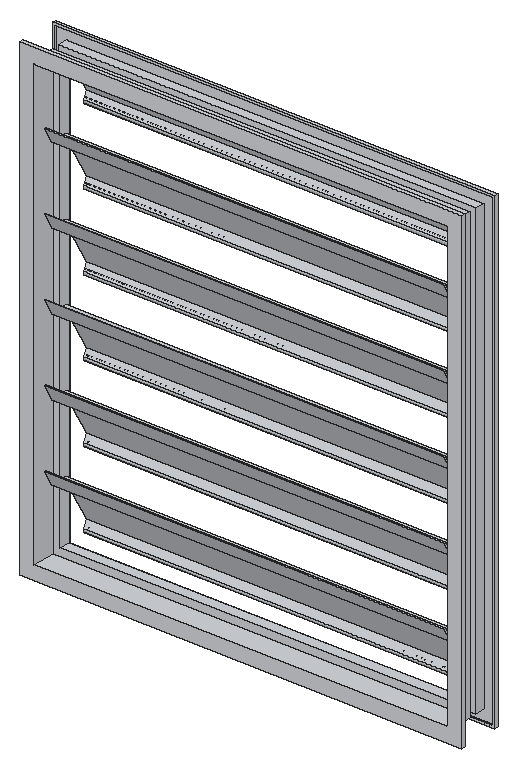
Revit family
Parameters (values of type "BDE Channel")
  URL = "http://www.productspec.net/products/24357/holyoake-industries-ltd/back-draft-damper-bde.aspx"
  Type Comments = "Back Draft Damper"  # constant formula
  Top Blade Height = Air Stream Height - 8.00 mm * 2 - Blade Cut Setout  # 56.85 mm
  Technical Data = "http://www.productspec.net/nas/TechnicalFiles/2367/p24357/H15-H17%20BDE.pdf"
  Single Blade = Blade Count < 2  # no
  Nominal Width = Exact Overall Width + 3.00 mm * 2  # 506.00 mm
  Nominal Height = Exact Overall Height + 3.00 mm * 2  # 546.00 mm
  Multiple Blades = not(Single Blade)  # yes
  Desired Overall Width = 500.00 mm
  Desired Overall Height = 540.00 mm
  Damper Depth = 50.75 mm  # constant formula
  Damper = none
  Blade Number = if(Blade Count < 2, 2, Blade Count)  # 5
  Blade Length = Air Stream Width - 16.00 mm  # 452.00 mm
  Exact Overall Width = if(Desired Overall Width < 100.00 mm, 100.00 mm, if(Desired Overall Width > 1000.00 mm, 1000.00 mm, Desired Overall Width))  # 500.00 mm
  Exact Overall Height = if(Desired Overall Height < 150.00 mm, 150.00 mm, if(Desired Overall Height > 1140.00 mm, 1140.00 mm, Desired Overall Height))  # 540.00 mm
  Model = "BDE Channel"  # constant formula
  Manufacturer = "Holyoake Industries Ltd"  # constant formula
  Damper Offset = 500.00 mm
  Created By = "Productspec Ltd"  # constant formula
  Channel Width = 16.00 mm  # constant formula
  Blade Pitch = 87.03 mm  # constant formula
  Air Stream Width = Exact Overall Width - Channel Width * 2  # 468.00 mm
  Blade Cut Setout = Blade Count * Blade Pitch  # 435.15 mm
  Blade Count = Blade ArrayNumber - 1  # 5
  Blade ArrayNumber = (Exact Overall Height - Channel Width * 2) / Blade Pitch  # 6
  Author = "Zinder Zhao"  # constant formula
  Air Stream Height = Exact Overall Height - Channel Width * 2  # 508.00 mm
Reference planes
  plane 1 "Wall": y = 0
  plane 2 "Center (Left/Right)": x = 125
  plane 3 "Back": y = 48.5
  plane 4: z = 500
  plane 5: z = 1040
  plane 6: x = 375
  plane 7: x = -125
  plane 8: z = 611.03
  plane 9: x = 351
  plane 10: x = -101
  plane 11: z = 524
  plane 12: z = 1016
  plane 13: z = 1024
  plane 14: z = 516
  plane 15: z = 959.15
  plane 16: x = -109
  plane 17: x = 359
  plane 18: x = -128
  plane 19: x = 378
  plane 20: z = 497
  plane 21: z = 1043
  plane 22: y = -2.25
  plane 23: z = 698.06
Forms (mm)
  Sweep 1, solid, material <- "Damper", detail levels medium+fine
    path origin (0, 48.5, 0) x (1, 0, 0) y (0, 0, 1)
      loop
        line (351, 1016) -> (-101, 1016) -> (-101, 524) -> (351, 524) -> (351, 1016)
    profile "Holyoake_DraftDamper_BDE_Channel_profile : BDE Channel Profile" origin (351, 48.5, 770) x (1, 0, 0) y (0, -1, 0)
      loop
        line (8, 0) -> (24, 0) -> (24, 4.6) -> (21.9, 4.6) -> (21.9, 2.1) -> (10.1, 2.1) -> (10.1, 13.1) -> (2.1, 13.1) -> (2.1, 22.15) -> (10.1, 22.15) -> (10.1, 48.65) -> (21.9, 48.65) -> (21.9, 46.15) -> (24, 46.15) -> (24, 50.75) -> (8, 50.75) -> (8, 24.25) -> (0, 24.25) -> (0, 11) -> (8, 11) -> (8, 0)
  Extrusion 2, solid, material <- "Damper", detail levels coarse+medium
    sketch origin (0, 0, 0) x (1, 0, 0) y (0, 1, 0)
      loop
        line (-125, 48.5) -> (-125, -2.25) -> (375, -2.25) -> (375, 48.5) -> (-125, 48.5)
    from 500 to 1040
Lines and regions (mm)
  Opening 1
    outline origin (-5000, -48.5, 0) x (1, 0, 0) y (0, 0, 1)
      loop
        line (5375, 1040) -> (4875, 1040) -> (4875, 500) -> (5375, 500) -> (5375, 1040)
Text (mm)
  text "Placement Side" at (-547.298, 205.054, 0), in view "Ref. Level"
  text "Placement side" at (0, 1409.804, 2854.306), in view "Left"
  text "Placement side" at (0, 499.811, 2980.732), in view "Right"
Dimensions and locks
  locked: plane 3 "Back" to host wall
  equal spacing: plane 7, plane 2 "Center (Left/Right)", plane 6
  "Exact Overall Width": plane 7 to plane 6
  "Damper Offset": plane 4 to level
  "Blade Length": plane 10 to plane 9
  "Exact Overall Height": plane 5 to plane 4
  "Blade Pitch": plane 8 to plane 11
  equal spacing: group 1, group 2, group 3, group 4, group 5  (x3)
  "Air Stream Height": plane 13 to plane 14
  locked: plane 13 to plane 12 at 8
  "Blade Cut Setout": plane 15 to plane 11
  "Air Stream Width": plane 16 to plane 17
  locked: plane 16 to plane 10 at 8
  "Channel Width": plane 14 to plane 4
  "Channel Width": plane 7 to plane 16
  plane 9 to plane 17 = 8.00 mm
  locked: plane 18 to plane 7 at 3
  "Nominal Width": plane 18 to plane 19
  locked: plane 11 to plane 14 at 8
  locked: plane 4 to plane 20 at 3
  "Nominal Height": plane 21 to plane 20
  "Damper Depth": plane 3 "Back" to plane 22
  aligned and locked: plane 1 "Wall" to host wall
  aligned and locked: Opening 1 sketch curve to plane 5
  aligned and locked: plane 6 to Opening 1 sketch curve
  aligned and locked: plane 4 to Opening 1 sketch curve
  aligned and locked: plane 7 to Opening 1 sketch curve
  aligned and locked: Sweep 1 sketch curve to plane 9
  aligned and locked: plane 12 to Sweep 1 sketch curve
  aligned and locked: Sweep 1 sketch curve to plane 10
  aligned and locked: Sweep 1 sketch curve to plane 11
  aligned and locked: plane 11 to nested 1
  aligned and locked: Sweep 1 to nested 1
  aligned and locked: plane 8 to nested 1
  aligned and locked: plane 8 to nested 2
  aligned and locked: Sweep 1 to nested 2
  aligned and locked: Extrusion 2 sketch curve to host wall  (x2)
  aligned and locked: Sweep 1 to Extrusion 2 sketch curve
  aligned and locked: plane 5 to Extrusion 2
  aligned and locked: Extrusion 2 to plane 4
  aligned and locked: plane 15 to nested 3
  aligned and locked: plane 11 to nested 4
  aligned and locked: plane 8 to nested 4
  aligned and locked: Sweep 1 to nested 4
  aligned and locked: nested 4 to nested 2
  aligned and locked: nested 3 to Sweep 1
Automatic sketch dimensions
  Extrusion 2 sketch curve to plane 6 = 0.00 mm
Nested families
  nested 1: "Holyoake_BackDraftDamper_BDE_Blade" at (125, 64.35, 524), visible <- "Multiple Blades", type "Holyoake_BackDraftDamper_BDE_Blade"
    with Length 452.00 mm
  nested 2: "Holyoake_BackDraftDamper_BDE_Blade" at (125, 64.35, 611.03), visible <- "Multiple Blades", type "Holyoake_BackDraftDamper_BDE_Blade"
    with Length 452.00 mm
  nested 3: "Holyoake_BackDraftDamper_BDE_BladewithVoid" at (125, 64.35, 959.15), type "Holyoake_BackDraftDamper_BDE_BladewithVoid"
    with Length 452.00 mm, Blade Cut Setout 56.85 mm
  nested 4: "Holyoake_BackDraftDamper_BDE_Blade" at (125, 64.35, 524), visible <- "Single Blade", type "Holyoake_BackDraftDamper_BDE_Blade"
    with Length 452.00 mm
  nested 5: "Holyoake_BackDraftDamper_BDE_Blade" at (125, 64.35, 698.06), visible <- "Multiple Blades", type "Holyoake_BackDraftDamper_BDE_Blade"
    with Length 452.00 mm
  nested 6: "Holyoake_BackDraftDamper_BDE_Blade" at (125, 64.35, 785.09), visible <- "Multiple Blades", type "Holyoake_BackDraftDamper_BDE_Blade"
    with Length 452.00 mm
  nested 7: "Holyoake_BackDraftDamper_BDE_Blade" at (125, 64.35, 872.12), visible <- "Multiple Blades", type "Holyoake_BackDraftDamper_BDE_Blade"
    with Length 452.00 mm
Connectors
  hvac at (125, -2.25, 770), driven by "Blade Length"
    settings: on Sweep 1, index 1
  hvac at (125, 48.5, 770), driven by "Exact Overall Height", driven by "Exact Overall Width"
    settings: on host wall, index 2
Definition of nested family "Holyoake_BackDraftDamper_BDE_Blade"
  Parameters (values of type "Holyoake_BackDraftDamper_BDE_Blade")
    Ownership = "Holyoake Industries Ltd"
    Model = "BDE Blade"
    Manufacturer = "Holyoake Industries Ltd"
    Length = 500.00 mm
    Description = ""
    Created By = "Productspec Ltd"
    Blade = Aluminium
    Author = "Zinder Zhao"
    Assembly Code = ""
  Reference planes
    plane 1 "Left": y = 0
    plane 2: z = 0
    plane 3 "Center (Left/Right)": x = 0
    plane 4: x = -250
    plane 5: x = 250
    plane 6 "Right": y = -62
  Forms (mm)
    Sweep 1, solid, material "Aluminium" <- "Blade", detail levels fine
      path origin (0, 0, 0) x (1, 0, 0) y (0, 1, 0)
        loop
          line (-250, 0) -> (250, 0)
      profile "Holyoake_DraftDamper_BDE_Blade_profile : BDE Blade Profile" origin (0, 0, 0) x (0, 1, 0) y (0, 0, 1)
        loop
          line (-3.041, 7.396) -> (0, 12.663) -> (-33.205, 70.173) -> (-50.641, 70.173) -> (-60.373, 87.03) -> (-61.99, 87.03) -> (-51.449, 68.773) -> (-34.013, 68.773) -> (-1.617, 12.662) -> (-6.261, 4.616)
          arc (-6.261, 4.616) -> (-6.657, 3.08) -> (-6.241, 1.55) r 3.1
          line (-6.241, 1.55) -> (-5.138, 2.476)
          arc (-5.138, 2.476) -> (-2.348, 4.295) -> (-4.199, 1.526) r 1.7
          line (-4.199, 1.526) -> (-4.728, 0.23)
          arc (-4.728, 0.23) -> (-0.635, 2.063) -> (-2.656, 6.066) r 3.1
          arc (-2.656, 6.066) -> (-3.115, 6.654) -> (-3.041, 7.396) r 1.001
  Dimensions and locks
    "Length": plane 4 to plane 5
    equal spacing: plane 4, plane 3 "Center (Left/Right)", plane 5
    aligned and locked: Sweep 1 to plane 4
    aligned and locked: Sweep 1 to plane 5
  Automatic sketch dimensions
    Sweep 1 sketch curve to plane 1 "Left" = 0.00 mm
    Sweep 1 sketch curve to plane 4 = 0.00 mm
    Sweep 1 sketch curve to plane 5 = 0.00 mm
Definition of nested family "Holyoake_BackDraftDamper_BDE_BladewithVoid"
  Parameters (values of type "Holyoake_BackDraftDamper_BDE_BladewithVoid")
    Ownership = "Holyoake Industries Ltd"
    Model = "BDE Cutted Blade"
    Manufacturer = "Holyoake Industries Ltd"
    Length = 500.00 mm
    Height = 87.00 mm
    Description = ""
    Created By = "Productspec Ltd"
    Blade Cut Setout = 40.00 mm
    Blade = Aluminium
    Author = "Zinder Zhao"
    Assembly Code = ""
  Reference planes
    plane 1 "Left": y = 0
    plane 2: z = 0
    plane 3 "Center (Left/Right)": x = 0
    plane 4: x = -250
    plane 5: x = 250
    plane 6: z = 87
    plane 7: z = 40
    plane 8 "Right": y = -62
  Forms (mm)
    Sweep 1, solid, material "Aluminium" <- "Blade", detail levels fine
      path origin (0, 0, 0) x (1, 0, 0) y (0, 1, 0)
        loop
          line (-250, 0) -> (250, 0)
      profile "Holyoake_DraftDamper_BDE_Blade_profile : BDE Blade Profile" origin (0, 0, 0) x (0, 1, 0) y (0, 0, 1)
        loop
          line (-3.041, 7.396) -> (0, 12.663) -> (-33.205, 70.173) -> (-50.641, 70.173) -> (-60.373, 87.03) -> (-61.99, 87.03) -> (-51.449, 68.773) -> (-34.013, 68.773) -> (-1.617, 12.662) -> (-6.261, 4.616)
          arc (-6.261, 4.616) -> (-6.657, 3.08) -> (-6.241, 1.55) r 3.1
          line (-6.241, 1.55) -> (-5.138, 2.476)
          arc (-5.138, 2.476) -> (-2.348, 4.295) -> (-4.199, 1.526) r 1.7
          line (-4.199, 1.526) -> (-4.728, 0.23)
          arc (-4.728, 0.23) -> (-0.635, 2.063) -> (-2.656, 6.066) r 3.1
          arc (-2.656, 6.066) -> (-3.115, 6.654) -> (-3.041, 7.396) r 1.001
    Extrusion 2, void
      sketch origin (0, 0, 0) x (0, 1, 0) y (0, 0, 1)
        loop
          line (-62, 87.03) -> (-62, 40) -> (0, 40) -> (0, 87.03) -> (-62, 87.03)
      from -250 to 250
  Cuts and joins
    Extrusion 2 cuts Sweep 1
  Dimensions and locks
    "Length": plane 4 to plane 5
    equal spacing: plane 4, plane 3 "Center (Left/Right)", plane 5
    "Height": plane 6 to level
    "Blade Cut Setout": plane 7 to level
    aligned and locked: Sweep 1 to plane 4
    aligned and locked: Sweep 1 to plane 5
    aligned and locked: level to plane 2
    aligned and locked: plane 4 to Extrusion 2
    aligned and locked: Extrusion 2 to plane 5
    aligned and locked: Extrusion 2 to plane 1 "Left"
    aligned and locked: Extrusion 2 to Sweep 1
    aligned and locked: Extrusion 2 to plane 8 "Right"
    aligned and locked: Extrusion 2 to plane 7
  Automatic sketch dimensions
    Sweep 1 sketch curve to plane 1 "Left" = 0.00 mm
    Sweep 1 sketch curve to plane 4 = 0.00 mm
    Sweep 1 sketch curve to plane 5 = 0.00 mm
    plane 1 "Left" to Extrusion 2 sketch curve = 62.00 mm
    plane 7 to Extrusion 2 sketch curve = 0.00 mm
    plane 6 to Extrusion 2 sketch curve = 0.03 mm
    plane 1 "Left" to Extrusion 2 sketch curve = 0.00 mm
